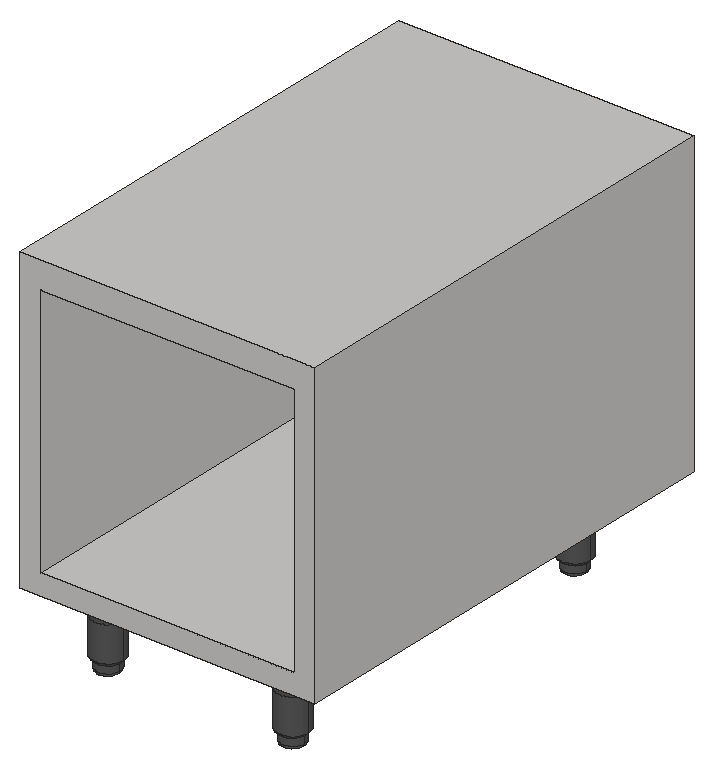
Revit family "QF_CAPIC_PO_W293022", category Equipement spécialisé, Revit 2018
Family settings
  Cote de connecteur circulaire = Utiliser le diamètre
  Type d'élément = Normal
  Numéro OmniClass = 23.40.40.14
  Titre OmniClass = Food Service Equipment
  Basée sur le plan de construction = Non
  Toujours verticalement = Oui
  Couper avec des vides une fois chargée = Non
  Partagée = Non
  Point de calcul de pièce = Non
Parameters (values of type "L=500mm")
  URL catalogue = "http://www.capic-fr.com/fr/"
  Type de Raccord Plomberie [instance] = ""
  Type de Raccord Electrique [instance] = ""
  Type de Gaz = ""
  Type article [instance] = ""
  Tension = 0 V
  Spécification du Fabricant = ""
  Show Logo = yes
  Remarques evacuation [instance] = ""
  Remarques Plomberie [instance] = ""
  Remarques Electricité [instance] = ""
  Puissance électrique  = 0 W
  Puissance Gaz kW = 0
  Profondeur hors tout = 801 mm
  Pression Maximum Eau Adoucie = 0.0 Pa
  Poids net à vide = 46.00 kg
  Phase = 0
  Modèle = "W293022"
  Longueur hors tout = 500 mm
  Intensité nominale = 0 A
  Hauteur hors tout = 630 mm
  Hauteur de Raccordement du Sol Finis = 0 mm
  Hauteur de Raccordement Gaz du Sol Finis = 0 mm
  Hauteur de Raccordement Evacuation Directe du Sol Finis = 0 mm
  Hauteur de Raccordement Eau Froide du Sol Finis = 0 mm
  Hauteur de Raccordement Eau Chaude du Sol Finis = 0 mm
  Hauteur de Raccordement Eau Adoucie du Sol Finis = 0 mm
  Fréquence = 0 Hz
  Fabricant = "CAPIC"
  Débit d'air d'extraction = 0.0 m³/h
  Débit Gaz = 0.0 L/s
  Débit Eau Froide = 0.0 L/s
  Débit Eau Chaude = 0.0 L/s
  Débit Eau Adoucie = 0.0 L/s
  Diamètre de Raccordement Gaz = 0 mm
  Diamètre de Raccordement Evacuation = 0 mm
  Diamètre de Raccordement Eau Froide = 0 mm
  Diamètre de Raccordement Eau Chaude = 0 mm
  Diamètre de Raccordement Eau Adoucie = 0 mm
  Description = "Placard Ouvert"
  Assembly Code = ""
  Classification  Omniclass nombre et titre = "23.40.40.14"
Reference planes
  plane 1 "Centre (avant/arrière)": y = 0
  plane 2: z = 0
  plane 3 "Centre (gauche/droite)": x = 0
  plane 4 "Centre G/E": y = 0
  plane 5: y = -838
  plane 6: x = 500
  plane 7: x = 498
  plane 8: x = 2
  plane 9: x = 465
  plane 10: y = -818
  plane 11: x = 458
  plane 12: y = -223
  plane 13: y = -820
  plane 14: z = 141
  plane 15: x = 42
  plane 16: x = 35
  plane 17: y = -182
  plane 18: z = 621
  plane 19: z = 120
  plane 20: y = -37
Forms (mm)
  Extrusion 1, solid, material "QF_Stainless Steel-Brushed"
    sketch origin (1480, 0, 0) x (1, 0, 0) y (0, 0, 1)
      loop
        line (-1480, 630) -> (-1480, 120) -> (-980, 120) -> (-980, 630) -> (-1480, 630)
    from 838 to 37
  Extrusion 2, void
    sketch origin (1480, 0, 0) x (1, 0, 0) y (0, 0, 1)
      loop
        line (-1445, 155.456) -> (-1015, 155.456) -> (-1015, 585.456) -> (-1445, 585.456) -> (-1445, 155.456)
    from 838 to 182
  Extrusion 3, void
    sketch origin (1480, 0, 0) x (1, 0, 0) y (0, 1, 0)
      loop
        line (-1445, -182) -> (-1445, -820) -> (-1015, -820) -> (-1015, -182) -> (-1445, -182)
    from 120 to 141
Cuts and joins
  Extrusion 2, Extrusion 3 cuts Extrusion 1
Dimensions and locks
  locked: plane 9 to plane 6 at 35
  locked: plane 10 to plane 5 at 20
  "Profondeur hors tout": plane 5 to plane 20
  locked: plane 12 to plane 13 at 597
  locked: plane 7 to plane 6 at 2
  locked: plane 3 "Centre (gauche/droite)" to plane 8 at 2
  "Longueur hors tout": plane 3 "Centre (gauche/droite)" to plane 6
  locked: plane 3 "Centre (gauche/droite)" to plane 16 at 35
  locked: plane 13 to plane 5 at 18
  locked: plane 3 "Centre (gauche/droite)" to plane 15 at 42
  locked: plane 11 to plane 6 at 42
  locked: plane 17 to plane 5 at 656
  plane 14 to plane 19 to plane 2 = 21 mm locked, 120 mm locked
  locked: plane 20 to plane 4 "Centre G/E" at 37
  aligned and locked: level to plane 2
  aligned and locked: Extrusion 1 to Extrusion 2
  aligned and locked: cut or joined group of Extrusion 1, Extrusion 2, Extrusion 3 to plane 5
  aligned and locked: nested 1 to plane 14
  aligned and locked: nested 2 to plane 14
  aligned and locked: nested 2 to plane 13
  aligned and locked: nested 2 to plane 15
  aligned and locked: nested 1 to plane 15
  aligned and locked: nested 1 to plane 12
  aligned and locked: nested 3 to plane 11
  aligned and locked: nested 4 to plane 11
  aligned and locked: nested 4 to plane 13
  aligned and locked: Extrusion 3 to plane 13
  aligned and locked: plane 17 to cut or joined group of Extrusion 1, Extrusion 2, Extrusion 3  (x2)
  aligned and locked: nested 3 to plane 12
  aligned and locked: plane 20 to cut or joined group of Extrusion 1, Extrusion 2, Extrusion 3
Automatic sketch dimensions
  Extrusion 1 sketch curve to plane 3 "Centre (gauche/droite)" = 0 mm
  Extrusion 1 sketch curve to plane 6 = 0 mm
  level to Extrusion 1 sketch curve = 120 mm
  Extrusion 1 sketch curve to Extrusion 1 sketch curve = 510 mm
  Extrusion 2 sketch curve to plane 9 = 0 mm
  level to Extrusion 2 sketch curve = 155.456 mm
  Extrusion 2 sketch curve to Extrusion 2 sketch curve = 430 mm
  Extrusion 3 sketch curve to plane 9 = 0 mm
  Extrusion 3 sketch curve to plane 10 = 2 mm
  plane 1 "Centre (avant/arrière)" to Extrusion 3 sketch curve = 182 mm
  Extrusion 2 sketch curve to plane 8 = 33 mm
  Extrusion 3 sketch curve to plane 8 = 33 mm
Nested families
  nested 1: "QF_Details_Pied" at (93.5, -223, 0), type "QF_Details_Pied"
  nested 2: "QF_Details_Pied" at (93.5, -820, 0), type "QF_Details_Pied"
  nested 3: "QF_Details_Pied" at (406.5, -223, 0), type "QF_Details_Pied"
  nested 4: "QF_Details_Pied" at (406.5, -820, 0), type "QF_Details_Pied"
Definition of nested family "QF_Details_Pied"
  Reference planes
    plane 1 "Centre (avant/arrière)": y = 0
    plane 2: z = 0
    plane 3 "Centre (gauche/droite)": x = 0
  Forms (mm)
    Extrusion 1, solid
      sketch origin (-137.492, 51.5, -340.756) x (1, 0, 0) y (0, 0, 1)
        loop
          line (85.992, 481.756) -> (85.992, 472.756) -> (188.992, 472.756) -> (188.992, 481.756) -> (85.992, 481.756)
      from -51.5 to 51.5
    Revolve 2, solid
      sketch origin (0, 51.5, -9) x (1, 0, 0) y (0, 0, 1)
        loop
          line (0, 141) -> (0, 9) -> (19.21, 9) -> (19.21, 13) -> (20.21, 13) -> (20.21, 26) -> (21.71, 26) -> (26.66, 30.95) -> (26.66, 90.95) -> (31.468, 136.698) -> (36.246, 141) -> (0, 141)
        axis (0, 141) -> (0, 9)
      angle from 0 to 360
  Dimensions and locks
    aligned and locked: level to plane 2
    aligned and locked: Extrusion 1 to Revolve 2 sketch curve
